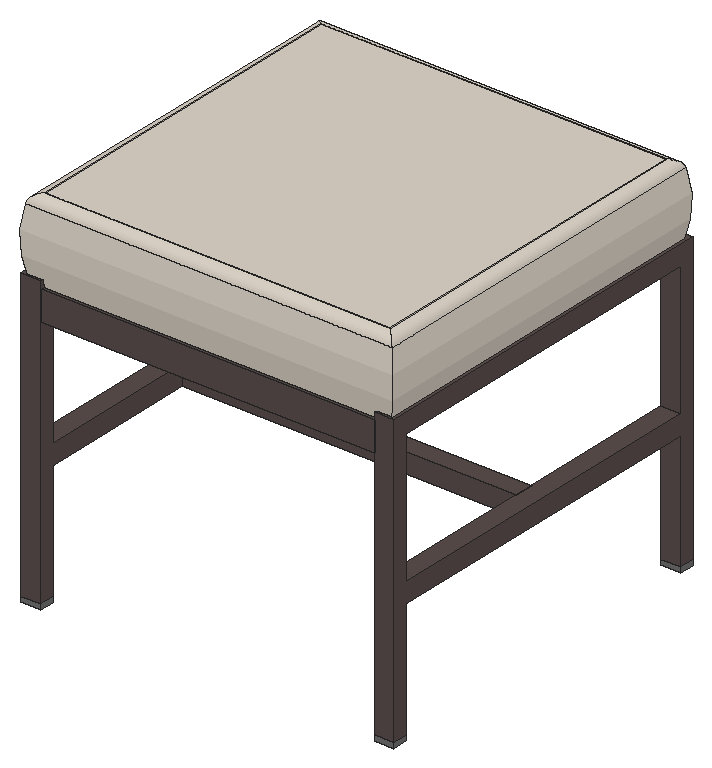
Revit family "DuraCare-Settee-Bench-Alfred-", category Furniture, Revit 2016
Family settings
  OmniClass Number = 23.40.20.00
  OmniClass Title = General Furniture and Specialties
  Work Plane-Based = No
  Always vertical = Yes
  Cut with Voids When Loaded = No
  Shared = No
  Room Calculation Point = No
Parameters (values of type "ST-645")
  Width = 19"  # constant formula
  URL = "https://duracareseating.com"
  Type Comments = "Alfred"  # constant formula
  Seat Height = 19"  # constant formula
  Salvage or Reuse = yes
  Percentage of Recycled Content = 0
  Low Emitting Material = yes
  Low Emitting Finish = yes
  Seat Finish [instance] = DUR - Fabric
  Revit Model Built By = "https://servex-us.com/servex-revit/"
  Product Documentation Link = "https://duracareseating.com/product/alfred/"
  Model = "ST-645"
  Manufacturer = "DuraCare Seating"  # constant formula
  Keynote = "12500"
  Height = 15"  # constant formula
  Glide Finish [instance] = DUR - Glides Metal
  Frame Finish [instance] = DUR - Wood, Espresso Walnut
  Description = "Settee bench 19\"W x 19\"D x 15\"H - aluminum frame - wood grain finish"
  Depth = 19"  # constant formula
  Assembly Code = "E2020200"
Reference planes (in)
  plane 1: z = 0
  plane 2 "Center (Left/Right)": x = 0
  plane 3: x = -9.5
  plane 4: x = 9.5
  plane 5: y = -10
  plane 6: y = 9
  plane 7 "Center (Front/Back)": y = -0.5
  plane 8: z = 19
  plane 9: z = 0.25
Forms (in)
  Extrusion 1, solid, material "DUR - Wood, Espresso Walnut" <- "Frame Finish"
    sketch origin (5, 0, 0) x (0, 1, 0) y (0, 0, -1)
      loop
        line (9, -15) -> (9, -0.25) -> (8.25, -0.25) -> (8.25, -6.25) -> (-9.25, -6.25) -> (-9.25, -0.25) -> (-10, -0.25) -> (-10, -15) -> (9, -15)
      loop
        line (8.25, -14) -> (8.25, -7.25) -> (-9.25, -7.25) -> (-9.25, -14) -> (8.25, -14)
    from 13.5 to 14.5
  Extrusion 2, solid, material "DUR - Wood, Espresso Walnut" <- "Frame Finish"
    sketch origin (0, 0, 0) x (0, 1, 0) y (0, 0, 1)
      loop
        line (8.25, 14.625) -> (8.25, 13.125) -> (9, 13.125) -> (9, 14.625) -> (8.25, 14.625)
      loop
        line (-9.25, 14.625) -> (-10, 14.625) -> (-10, 13.125) -> (-9.25, 13.125) -> (-9.25, 14.625)
      loop
        line (0, 7.25) -> (-1, 7.25) -> (-1, 6.25) -> (0, 6.25) -> (0, 7.25)
    from -8.5 to 8.5
  Extrusion 3, solid, material "DUR - Glides Metal" <- "Glide Finish"
    sketch origin (0, 0, 0) x (1, 0, 0) y (0, 1, 0)
      loop
        line (-8.5, 9) -> (-9.5, 9) -> (-9.5, 8.25) -> (-8.5, 8.25) -> (-8.5, 9)
      loop
        line (-8.5, -10) -> (-8.5, -9.25) -> (-9.5, -9.25) -> (-9.5, -10) -> (-8.5, -10)
      loop
        line (8.5, -10) -> (9.5, -10) -> (9.5, -9.25) -> (8.5, -9.25) -> (8.5, -10)
      loop
        line (9.5, 9) -> (8.5, 9) -> (8.5, 8.25) -> (9.5, 8.25) -> (9.5, 9)
    from 0 to 0.25
  Extrusion 4, solid, material "DUR - Wood, Espresso Walnut" <- "Frame Finish"
    sketch origin (-5, 0, 0) x (0, 1, 0) y (0, 0, 1)
      loop
        line (9, 15) -> (-10, 15) -> (-10, 0.25) -> (-9.25, 0.25) -> (-9.25, 6.25) -> (8.25, 6.25) -> (8.25, 0.25) -> (9, 0.25) -> (9, 15)
      loop
        line (8.25, 14) -> (-9.25, 14) -> (-9.25, 7.25) -> (8.25, 7.25) -> (8.25, 14)
    from 13.5 to 14.5
  Sweep 5, solid, material "DUR - Fabric" <- "Seat Finish"
    path origin (0, -0.06036, 0) x (1, 0, 0) y (0, 1, 0)
      loop
        line (-9.5, 9) -> (-9.5, -10) -> (9.5, -10) -> (9.5, 9) -> (-9.5, 9)
    profile origin (0, 8.93964, 0) x (0, 1, 0) y (0, 0, 1)
      loop
        line (-0.71401, 18.63289) -> (-0.71401, 14.62989) -> (-0.26944, 14.62989)
        arc (-0.26944, 14.62989) -> (0.00134, 16.40096) -> (-0.16031, 18.18531) r 7.41983
        arc (-0.16031, 18.18531) -> (-0.35804, 18.50697) -> (-0.71401, 18.63289) r 0.56641
  Extrusion 6, solid, material "DUR - Fabric" <- "Seat Finish"
    sketch origin (-9.23056, 8.6702, 14.62989) x (0, -1, 0) y (-1, 0, 0)
      loop
        line (18.01655, -18.01655) -> (18.01655, -0.44457) -> (0.44457, -0.44457) -> (0.44457, -18.01655) -> (18.01655, -18.01655)
    from -4.003 to 0.00489
Lines and regions (in)
  symbolic lines
    curve 1: line (-9.5, 9, 0) -> (9.50402, 9, 0)
    curve 2: line (-9.5, -10.06507, 0) -> (-9.5, 9, 0)
    curve 3: line (9.50402, -10.06507, 0) -> (-9.5, -10.06507, 0)
    curve 4: line (9.50402, 9, 0) -> (9.50402, -10.06507, 0)
  symbolic lines, style "Hidden Lines", detail levels medium+fine
    curve 5: line (-8.5, 9, 0) -> (-8.5, -10.06507, 0)
    curve 6: line (8.5, -10.06507, 0) -> (8.5, 9, 0)
    curve 7: line (-8.5, 0, 0) -> (8.5, 0, 0)
    curve 8: line (-8.5, -1, 0) -> (8.5, -1, 0)
Dimensions and locks (in)
  "Width": plane 3 to plane 4
  equal spacing: plane 3, plane 2 "Center (Left/Right)", plane 4
  equal spacing: plane 5, plane 7 "Center (Front/Back)", plane 6
  "Depth": plane 6 to plane 5
  "Seat Height": plane 8 to plane 1
  aligned and locked: level to plane 1
  aligned and locked: Extrusion 1 to plane 3
  aligned and locked: Extrusion 1 to Extrusion 3  (x3)
  aligned and locked: Extrusion 3 to Extrusion 1
  aligned and locked: Extrusion 3 to Extrusion 2  (x2)
  aligned and locked: Extrusion 4 to Extrusion 3  (x2)
  aligned and locked: Extrusion 6 to Sweep 5
Automatic sketch dimensions
  Extrusion 1 sketch curve to plane 5 = 0"
  Extrusion 1 sketch curve to plane 9 = 0"  (x2)
  Extrusion 1 sketch curve to plane 6 = 0"
  plane 9 to Extrusion 1 sketch curve = 6"
  Extrusion 1 sketch curve to Extrusion 1 sketch curve = 1"  (x2)
  Extrusion 1 sketch curve to plane 8 = 5"
  Extrusion 2 sketch curve to plane 5 = 0"
  Extrusion 2 sketch curve to plane 6 = 0"
  Extrusion 2 sketch curve to plane 7 "Center (Front/Back)" = 1/2"
  plane 7 "Center (Front/Back)" to Extrusion 2 sketch curve = 1/2"
  plane 9 to Extrusion 2 sketch curve = 6"
  Extrusion 2 sketch curve to Extrusion 2 sketch curve = 1"
  Extrusion 2 sketch curve to plane 8 = 5 7/8"  (x2)
  Extrusion 2 sketch curve to Extrusion 2 sketch curve = 1 1/2"  (x2)
  Extrusion 3 sketch curve to plane 6 = 0"  (x2)
  plane 5 to Extrusion 3 sketch curve = 0"  (x2)
  plane 3 to Extrusion 3 sketch curve = 1"  (x2)
  plane 4 to Extrusion 3 sketch curve = 1"  (x2)
  Extrusion 3 sketch curve to Extrusion 3 sketch curve = 1"  (x3)
  Extrusion 3 sketch curve to plane 4 = 0"
  Extrusion 4 sketch curve to plane 5 = 0"
  Extrusion 4 sketch curve to plane 9 = 0"  (x2)
  Extrusion 4 sketch curve to plane 6 = 0"
  Extrusion 4 sketch curve to Extrusion 4 sketch curve = 6"
  Extrusion 4 sketch curve to Extrusion 4 sketch curve = 1"  (x2)
  Extrusion 4 sketch curve to plane 8 = 5"
  Sweep 5 sketch curve to plane 3 = 0"
  Sweep 5 sketch curve to plane 4 = 0"
  plane 5 to Sweep 5 sketch curve = 0.06036"
  Sweep 5 sketch curve to plane 6 = 0.06036"
  profile plane to Sweep 5 sketch curve = 7.415"
  profile plane to Sweep 5 sketch curve = 0.71411"
  Sweep 5 sketch curve to Sweep 5 sketch curve = 0.0001"
  level to Sweep 5 sketch curve = 16.62861"
  Sweep 5 sketch curve to Sweep 5 sketch curve = 1.43787"
  Sweep 5 sketch curve to Sweep 5 sketch curve = 145/256"
  profile plane to Sweep 5 sketch curve = 0.26944"
  Sweep 5 sketch curve to Sweep 5 sketch curve = 0"
  Extrusion 6 sketch curve to Sweep 5 = 0"  (x4)
  curve 3 to plane 3 = 0"
  curve 5 to plane 6 = 0"
  curve 3 to plane 4 = 0.00402"
  plane 5 to curve 4 = 0.06507"
  plane 3 to curve 7 = 1"
  plane 4 to curve 7 = 1"
  plane 7 "Center (Front/Back)" to curve 7 = 1/2"
  curve 8 to plane 7 "Center (Front/Back)" = 1/2"
  Extrusion 1 sketch curve to plane 6 = 3/4"  (x2)
  Extrusion 2 sketch curve to Extrusion 2 sketch curve = 3/4"
  Extrusion 3 sketch curve to Extrusion 3 sketch curve = 3/4"  (x2)
  Extrusion 4 sketch curve to plane 6 = 3/4"  (x2)
  Extrusion 1 sketch curve to plane 5 = 3/4"  (x2)
  Extrusion 2 sketch curve to plane 5 = 3/4"
  Extrusion 3 sketch curve to plane 5 = 3/4"  (x2)
  Extrusion 4 sketch curve to plane 5 = 3/4"  (x2)
